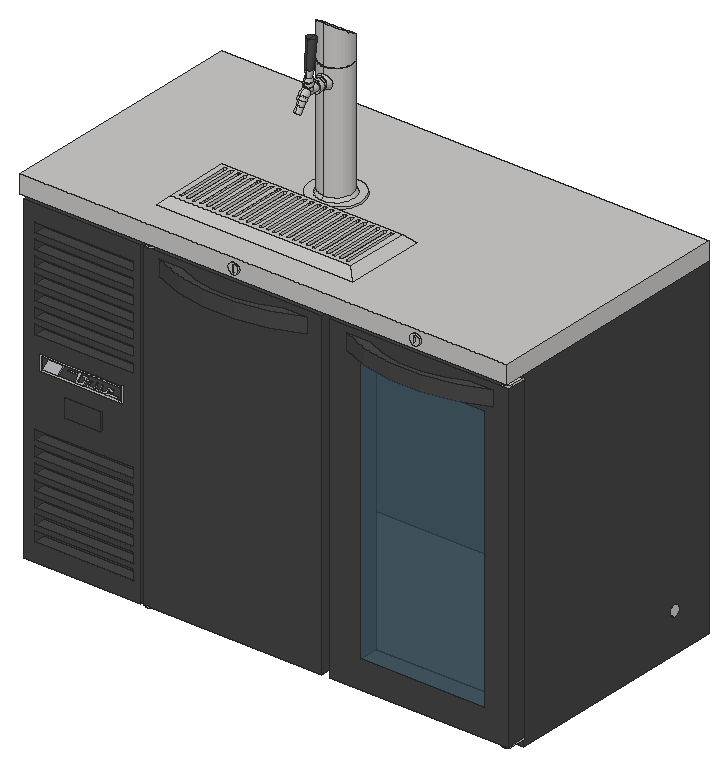
Revit family "QF_TRUE_TDR48-RISZ1-L-B-SG-1", category Specialty Equipment, Revit 2016
Family settings
  Part Type = Normal
  Round Connector Dimension = Use Diameter
  Work Plane-Based = No
  Always vertical = Yes
  Cut with Voids When Loaded = No
  Shared = No
  Room Calculation Point = No
Parameters (values of type "QF_TRUE_TDR48-RISZ1-L-B-SG-1")
  Weight in Pounds = 405
  Watts = if(Phase = 3, Volts * FL Amps * 1.73, Volts * FL Amps)  # 207 W
  Waste Water Discharge Temperature = 0 °F
  Volts = 115 V
  URL Cutsheet = ""
  Steam Supply Volume = 0 GPM
  Steam Supply Size = 0"
  Steam Supply RI Height = 0"
  Steam Supply Minimum Pressure = 0.00 psi
  Steam Supply Maximum Pressure = 0.00 psi
  Steam Supply Connection Height = 0"
  Specification by User = ""
  Specification by Manufacturer = ""
  Show Standard Unit [instance] = yes
  Show Logo [instance] = yes
  Show Leg Levelers [instance] = no
  Show Clearance [instance] = yes
  Show 1 Inch Rollers [instance] = no
  Show Seismic Flange [instance] = no
  Show 6 Inches Legs [instance] = no
  Show 5 Inches Castors [instance] = no
  Show 4 Inches Castors [instance] = no
  Show 3 Inches Castors [instance] = no
  Show 2 Inches Castors [instance] = no
  Serial Number = ""
  Seismic Rating = ""
  SMACNA No = ""
  Revision Code = ""
  Plumbing Remarks = ""
  Plumbing Connection Type = ""
  Phase = 1
  Number of Poles = 1
  NAFEM Spec ID Number = ""
  Model = "TDR48-RISZ1-L-B-SG-1"
  Min Ckt Ampacity = 0 A
  Mechanical Remarks = ""
  Mechanical Connection Type = ""
  Max Overcurrent Protection = 0 A
  Masterspec = ""
  Manufacturer = "TRUE"
  Length = 48"
  Item Number = ""
  Installed By = ""
  Indirect Waste Size = 1/2"
  Indirect Waste Flow = 0 GPM
  Indirect Waste Connection Type = ""
  Indirect Waste Connection Height = 0"
  Identify Quantity as Lot = yes
  Height [instance] = if(Show Standard Unit, 34 11/16", if(Show Leg Levelers, 34 15/16", if(Show 1 Inch Rollers, 35 9/16", if(Show 2 Inches Castors, 37 9/16", if(Show 3 Inches Castors, 38 9/16", if(Show 4 Inches Castors, 39 3/4", if(Show 5 Inches Castors, 40 3/4", if(Show 6 Inches Legs, 40 11/16", if(Show Seismic Flange, 40 11/16", 34 11/16")))))))))  # 34 11/16"
  HP = "1/4"
  Furnished By = ""
  Foodservice Equipment Identifier = yes
  FL Amps = 1.8 A
  Electrical Remarks = ""
  Electric Connection Type = ""
  Elec Conn RI Height = 0"
  Elec Conn Connection Height = 0"
  Description = "REACH-IN SINGLE ZONE REFRIGERATOR WITH LEFT SIDE REFRIGERATION SYSTEM. BLACK EXTERIOR AND SOLID & GLASS SWING DOORS"
  Depth = 26 3/8"
  Cycle = 60 Hz
  Conn Plug = "NEMA 5-15P"
  Conn Conduit = yes
  Condensate Return Size = 1/2"
  Condensate Return RI Height = 0"
  Condensate Return Connection Height = 0"
  CSI MasterFormat = ""
  Apparent Power = if(Phase = 3, Volts * FL Amps * 1.73, Volts * FL Amps)  # 207 VA
Reference planes (in)
  plane 1 "BACK": y = 0
  plane 2: z = 0
  plane 3 "LEFT": x = 0
  plane 4 "RIGHT": x = 48
  plane 5 "FRONT": y = -26.375
  plane 6 "TOP": z = 34.6875
  plane 7 "Center Y": x = 24
  plane 8 "Center X": y = -13.1875
  plane 9: z = 32.9375
  plane 10: z = 0.78125
  plane 11: y = -41.59375
  plane 12: y = -24.84375
  plane 13: y = -24.65625
  plane 14: z = 0
  plane 15: x = 4.023
  plane 16: x = 43.977
Dimensions and locks (in)
  equal spacing: plane 3 "LEFT", plane 7 "Center Y", plane 4 "RIGHT"
  "Length": plane 3 "LEFT" to plane 4 "RIGHT"
  equal spacing: plane 5 "FRONT", plane 8 "Center X", plane 1 "BACK"
  "Depth": plane 5 "FRONT" to plane 1 "BACK"
  "Height": plane 6 "TOP" to level
  plane 3 "LEFT" to plane 4 "RIGHT" = 48"
  plane 6 "TOP" to plane 9 = 1 3/4"
  plane 10 to plane 2 = 25/32"
  plane 11 to plane 1 "BACK" = 41 19/32"
  plane 5 "FRONT" to plane 1 "BACK" = 26 3/8"
  plane 12 to plane 1 "BACK" = 24 27/32"
  plane 13 to plane 1 "BACK" = 24 21/32"
  plane 1 "BACK" to plane 12 = 24 27/32"
  locked: plane 6 "TOP" to plane 14 at 34.6875
  aligned and locked: level to plane 2
  aligned and locked: plane 3 "LEFT" to nested 2
  aligned and locked: plane 1 "BACK" to nested 2
  aligned and locked: plane 6 "TOP" to nested 2
Nested families (in)
  nested 1: "CASTORS & LEGS" at (4, -4, 0), Show 3 Inches Castors <- "Show 3 Inches Castors", Show 4 Inches Castors <- "Show 4 Inches Castors", Show Legs <- "Show 6 Inches Legs", Show Legs with Flandge <- "Show Seismic Flange", Show 2 Inches Castors <- "Show 2 Inches Castors", Show 5 Inches Castors <- "Show 5 Inches Castors", Show Leg Levelers <- "Show Leg Levelers", Show 1 Inch Rollers <- "Show 1 Inch Rollers", type "CASTORS & LEGS"
    with Type Mark "", Status "", Specification by User "", Show Legs with Flandge no, Show Legs no, Show Leg Levelers no, Show 5 Inches Castors no, Show 4 Inches Castors no, Show 3 Inches Castors no, Show 2 Inches Castors no, Show 1 Inch Rollers no, Revision Code "", Item Number "", Installed By "", Identify Quantity as Lot yes, Furnished By "", Foodservice Equipment Identifier yes
  nested 2: "TDR48-RISZ1-L-B-SG-1" at (0, 0, 0), Show Logo <- "Show Logo", Show Clearance <- "Show Clearance", type "TDR48-RISZ1-L-B-SG-1"
    with Show Logo yes, Show Clearance yes
  nested 3: "CASTORS & LEGS" at (4, -18.75, 0), Show 3 Inches Castors <- "Show 3 Inches Castors", Show 4 Inches Castors <- "Show 4 Inches Castors", Show Legs <- "Show 6 Inches Legs", Show Legs with Flandge <- "Show Seismic Flange", Show 2 Inches Castors <- "Show 2 Inches Castors", Show 5 Inches Castors <- "Show 5 Inches Castors", Show Leg Levelers <- "Show Leg Levelers", Show 1 Inch Rollers <- "Show 1 Inch Rollers", type "CASTORS & LEGS"
    with Type Mark "", Status "", Specification by User "", Show Legs with Flandge no, Show Legs no, Show Leg Levelers no, Show 5 Inches Castors no, Show 4 Inches Castors no, Show 3 Inches Castors no, Show 2 Inches Castors no, Show 1 Inch Rollers no, Revision Code "", Item Number "", Installed By "", Identify Quantity as Lot yes, Furnished By "", Foodservice Equipment Identifier yes
  nested 4: "CASTORS & LEGS" at (43.954, -4, 0), Show 3 Inches Castors <- "Show 3 Inches Castors", Show 4 Inches Castors <- "Show 4 Inches Castors", Show Legs <- "Show 6 Inches Legs", Show Legs with Flandge <- "Show Seismic Flange", Show 2 Inches Castors <- "Show 2 Inches Castors", Show 5 Inches Castors <- "Show 5 Inches Castors", Show Leg Levelers <- "Show Leg Levelers", Show 1 Inch Rollers <- "Show 1 Inch Rollers", type "CASTORS & LEGS"
    with Type Mark "", Status "", Specification by User "", Show Legs with Flandge no, Show Legs no, Show Leg Levelers no, Show 5 Inches Castors no, Show 4 Inches Castors no, Show 3 Inches Castors no, Show 2 Inches Castors no, Show 1 Inch Rollers no, Revision Code "", Item Number "", Installed By "", Identify Quantity as Lot yes, Furnished By "", Foodservice Equipment Identifier yes
  nested 5: "CASTORS & LEGS" at (43.954, -18.75, 0), Show 3 Inches Castors <- "Show 3 Inches Castors", Show 4 Inches Castors <- "Show 4 Inches Castors", Show Legs <- "Show 6 Inches Legs", Show Legs with Flandge <- "Show Seismic Flange", Show 2 Inches Castors <- "Show 2 Inches Castors", Show 5 Inches Castors <- "Show 5 Inches Castors", Show Leg Levelers <- "Show Leg Levelers", Show 1 Inch Rollers <- "Show 1 Inch Rollers", type "CASTORS & LEGS"
    with Type Mark "", Status "", Specification by User "", Show Legs with Flandge no, Show Legs no, Show Leg Levelers no, Show 5 Inches Castors no, Show 4 Inches Castors no, Show 3 Inches Castors no, Show 2 Inches Castors no, Show 1 Inch Rollers no, Revision Code "", Item Number "", Installed By "", Identify Quantity as Lot yes, Furnished By "", Foodservice Equipment Identifier yes
Connectors (in)
  electrical at (6, 0.25, 18), driven by "Volts", driven by "Watts"
    settings: on nested 2, index 5, voltage 115 V, apparent load 207 VA, apparent load phase1 0 VA, apparent load phase2 0 VA, apparent load phase3 0 VA, power factor 1, load classification "Other", number of poles 1, system type 30, power factor state 1, is connector primary yes, connector utility no, sub classification motor no, connector description ""
  piping at (39.75, -4.34375, 0), diameter 0.5, driven by "Indirect Waste Size"
    settings: on nested 2, index 6, connector inside diameter 24", connector length 0", flow factor 0, pipe flow 0 GPM, pressure drop 0.00 psi, fitting loss kfactor 0, connector angle 0.00°, fixture units 0, engagement length 0", angle of deflection 0.00°, flow configuration 1, flow direction 2, fitting loss method 0, system type 16, joint type 0, gender type 0, connector reference index -1, connector utility 0, adjustable connector no, is connector primary yes, connector description "DRAIN"
  piping at (16.75, -4.96875, 0), diameter 0.5, driven by "Indirect Waste Size"
    settings: on nested 2, index 7, connector inside diameter 24", connector length 0", flow factor 0, pipe flow 0 GPM, pressure drop 0.00 psi, fitting loss kfactor 0, connector angle 0.00°, fixture units 0, engagement length 0", angle of deflection 0.00°, flow configuration 1, flow direction 2, fitting loss method 0, system type 16, joint type 0, gender type 0, connector reference index -1, connector utility 0, adjustable connector no, is connector primary no, connector description "FLOOR ACCESS"
  piping at (48.125, -4.3125, 3.96875), diameter 0.5, driven by "Condensate Return Size"
    settings: on nested 2, index 8, connector inside diameter 24", connector length 0", flow factor 0, pipe flow 0 GPM, pressure drop 0.00 psi, fitting loss kfactor 0, connector angle 0.00°, fixture units 0, engagement length 0", angle of deflection 0.00°, flow configuration 1, flow direction 1, fitting loss method 0, system type 7, joint type 0, gender type 0, connector reference index -1, connector utility 0, adjustable connector no, is connector primary no, connector description "CONDENSING UNIT"
Definition of nested family "TDR48-RISZ1-L-B-SG-1"
  Parameters (values of type "TDR48-RISZ1-L-B-SG-1")
    Weight in Pounds = 405
    Watts = if(Phase = 3, Volts * FL Amps * 1.73, Volts * FL Amps)  # 207 W
    Waste Water Discharge Temperature = 0 °F
    Volts = 115 V
    URL Cutsheet = ""
    Steam Supply Volume = 0 GPM
    Steam Supply Size = 0"
    Steam Supply RI Height = 0"
    Steam Supply Minimum Pressure = 0.00 psi
    Steam Supply Maximum Pressure = 0.00 psi
    Steam Supply Connection Height = 0"
    Specification by User = ""
    Specification by Manufacturer = ""
    Show Logo [instance] = yes
    Show Clearance [instance] = yes
    Serial Number = ""
    Seismic Rating = ""
    SMACNA No = ""
    Revision Code = ""
    Plumbing Remarks = ""
    Plumbing Connection Type = ""
    Phase = 1
    Number of Poles = 1
    NAFEM Spec ID Number = ""
    Model = "TBR48-RISZ1-L-B-GG-1"
    Min Ckt Ampacity = 0 A
    Mechanical Remarks = ""
    Mechanical Connection Type = ""
    Max Overcurrent Protection = 0 A
    Masterspec = ""
    Manufacturer = "TRUE"
    Length = 48"
    Item Number = ""
    Installed By = ""
    Indirect Waste Size = 1/2"
    Indirect Waste Flow = 0 GPM
    Indirect Waste Connection Type = ""
    Indirect Waste Connection Height = 0"
    Identify Quantity as Lot = yes
    Height = 34 11/16"
    HP = "1/4"
    Furnished By = ""
    Foodservice Equipment Identifier = yes
    FL Amps = 1.8 A
    Electrical Remarks = ""
    Electric Connection Type = ""
    Elec Conn RI Height = 0"
    Elec Conn Connection Height = 0"
    Description = "REACH-IN SINGLE ZONE REFRIGERATOR WITH LEFT SIDE REFRIGERATION SYSTEM. BLACK EXTERIOR AND GLASS SWING DOORS"
    Depth = 26 3/8"
    Cycle = 60 Hz
    Conn Plug = "NEMA 5-15P"
    Conn Conduit = yes
    Condensate Return Size = 1/2"
    Condensate Return RI Height = 0"
    Condensate Return Connection Height = 0"
    CSI MasterFormat = ""
    Apparent Power = if(Phase = 3, Volts * FL Amps * 1.73, Volts * FL Amps)  # 207 VA
  Reference planes (in)
    plane 1 "BACK": y = 0
    plane 2: z = 0
    plane 3 "LEFT": x = 0
    plane 4 "RIGHT": x = 48
    plane 5 "FRONT": y = -26.375
    plane 6 "TOP": z = 34.6875
    plane 7 "Center Y": x = 24
    plane 8 "Center X": y = -13.1875
    plane 9: z = 32.9375
    plane 10: z = 0.78125
    plane 11: z = 32.46875
    plane 12: y = -41.59375
    plane 13: y = -24.84375
    plane 14: y = -24.65625
    plane 15: z = 50.4375
  Forms (in)
    Extrusion 1, solid
      sketch origin (0, 0, 0) x (0, 1, 0) y (0, 0, 1)
        loop
          line (-24.84375, 34.6875) -> (-24.84375, 32.9375) -> (0, 32.9375) -> (0, 34.6875) -> (-24.84375, 34.6875)
      from 0 to 48
    Extrusion 2, solid
      sketch origin (0, 0, 0) x (1, 0, 0) y (0, 0, 1)
        loop
          line (0, 32.9375) -> (0, 0) -> (48, 0) -> (48, 32.9375) -> (0, 32.9375)
        loop
          line (12, 32.46875) -> (12, 0.78125) -> (47.875, 0.78125) -> (47.875, 32.46875) -> (12, 32.46875)
      from 0 to 22.75
    Extrusion 3, solid
      sketch origin (0, 0, 0) x (-1, 0, 0) y (0, 0, 1)
        loop
          line (-12, 32.46875) -> (-47.875, 32.46875) -> (-47.875, 0.78125) -> (-12, 0.78125) -> (-12, 32.46875)
      from 0 to -2
    Extrusion 4, solid
      sketch origin (0, -22.75, 0) x (1, 0, 0) y (0, 0, 1)
        loop
          line (0.20313, 0.78125) -> (11.79688, 0.78125) -> (11.79688, 32.46875) -> (0.20313, 32.46875) -> (0.20313, 0.78125)
        loop
          line (1.28286, 30.81709) -> (1.28286, 29.81709) -> (11.03286, 29.81709) -> (11.03286, 30.81709) -> (1.28286, 30.81709)
        loop
          line (1.28286, 29.31709) -> (1.28286, 28.31709) -> (11.03286, 28.31709) -> (11.03286, 29.31709) -> (1.28286, 29.31709)
        loop
          line (1.28286, 27.81709) -> (1.28286, 26.81709) -> (11.03286, 26.81709) -> (11.03286, 27.81709) -> (1.28286, 27.81709)
        loop
          line (1.28286, 26.31709) -> (1.28286, 25.31709) -> (11.03286, 25.31709) -> (11.03286, 26.31709) -> (1.28286, 26.31709)
        loop
          line (1.28286, 24.81709) -> (1.28286, 23.81709) -> (11.03286, 23.81709) -> (11.03286, 24.81709) -> (1.28286, 24.81709)
        loop
          line (1.28286, 21.81709) -> (1.28286, 20.81709) -> (11.03286, 20.81709) -> (11.03286, 21.81709) -> (1.28286, 21.81709)
        loop
          line (1.28286, 23.31709) -> (1.28286, 22.31709) -> (11.03286, 22.31709) -> (11.03286, 23.31709) -> (1.28286, 23.31709)
        loop
          line (1.28286, 12.56709) -> (1.28286, 11.56709) -> (11.03286, 11.56709) -> (11.03286, 12.56709) -> (1.28286, 12.56709)
        loop
          line (1.28286, 11.06709) -> (1.28286, 10.06709) -> (11.03286, 10.06709) -> (11.03286, 11.06709) -> (1.28286, 11.06709)
        loop
          line (1.28286, 9.56709) -> (1.28286, 8.56709) -> (11.03286, 8.56709) -> (11.03286, 9.56709) -> (1.28286, 9.56709)
        loop
          line (1.28286, 8.06709) -> (1.28286, 7.06709) -> (11.03286, 7.06709) -> (11.03286, 8.06709) -> (1.28286, 8.06709)
        loop
          line (1.28286, 6.56709) -> (1.28286, 5.56709) -> (11.03286, 5.56709) -> (11.03286, 6.56709) -> (1.28286, 6.56709)
        loop
          line (1.28286, 3.56709) -> (1.28286, 2.56709) -> (11.03286, 2.56709) -> (11.03286, 3.56709) -> (1.28286, 3.56709)
        loop
          line (1.28286, 5.06709) -> (1.28286, 4.06709) -> (11.03286, 4.06709) -> (11.03286, 5.06709) -> (1.28286, 5.06709)
      from 0.125 to 1.90625
    Extrusion 5, solid
      sketch origin (0, -22.75, 0) x (1, 0, 0) y (0, 0, 1)
        loop
          line (12, 0.78125) -> (29.625, 0.78125) -> (29.625, 32.46875) -> (12, 32.46875) -> (12, 0.78125)
        loop
          line (48, 0.78125) -> (48, 32.46875) -> (30.375, 32.46875) -> (30.375, 0.78125) -> (48, 0.78125)
        loop
          line (33.39487, 29.73137) -> (33.39487, 3.48137) -> (45.64487, 3.48137) -> (45.64487, 29.73137) -> (33.39487, 29.73137)
      from 0 to 1.90625
    Extrusion 6, solid
      sketch origin (0, -22.75, 0) x (1, 0, 0) y (0, 0, 1)
        loop
          line (33.39487, 29.73137) -> (33.39487, 3.48137) -> (45.64487, 3.48137) -> (45.64487, 29.73137) -> (33.39487, 29.73137)
      from 0 to 1.90625
    Extrusion 7, solid
      sketch origin (29, -22.75, 32.46875) x (-1, 0, 0) y (0, -1, 0)
        loop
          arc (15.44956, 1.90625) -> (8.1875, 3.65113) -> (0.92544, 1.90625) r 15.9845
          line (0.92544, 1.90625) -> (3.19585, 1.90625)
          arc (3.19585, 1.90625) -> (8.1875, 3.15287) -> (13.17915, 1.90625) r 10.61701
          line (13.17915, 1.90625) -> (15.44956, 1.90625)
        loop
          arc (-2.92544, 1.90625) -> (-10.1875, 3.65113) -> (-17.44956, 1.90625) r 15.9845
          line (-17.44956, 1.90625) -> (-15.17915, 1.90625)
          arc (-15.17915, 1.90625) -> (-10.1875, 3.15287) -> (-5.19585, 1.90625) r 10.61701
          line (-5.19585, 1.90625) -> (-2.92544, 1.90625)
      from -2.11784 to -0.60631
    Extrusion 8, solid
      sketch origin (0, -24.65625, 0) x (1, 0, 0) y (0, 0, 1)
        loop
          line (4.36462, 16.37472) -> (4.36462, 14.62472) -> (7.86462, 14.62472) -> (7.86462, 16.37472) -> (4.36462, 16.37472)
      from 0 to 0.125
    Extrusion 9, solid
      sketch origin (0, -24.84375, 34.4375) x (0, 0, 1) y (-1, 0, 0)
        loop
          circle (-0.65572, -21.12293) r 0.5
        loop
          line (-0.32569, -21.0603) -> (-0.96744, -21.0603) -> (-0.96744, -21.2) -> (-0.32569, -21.2) -> (-0.32569, -21.0603)
        loop
          circle (-0.65572, -39.02918) r 0.5
        loop
          line (-0.32569, -38.96655) -> (-0.96744, -38.96655) -> (-0.96744, -39.10625) -> (-0.32569, -39.10625) -> (-0.32569, -38.96655)
      from 0 to 0.125
    Extrusion 10, solid
      sketch origin (0, -22.75, 0) x (1, 0, 0) y (0, 0, 1)
        loop
          line (1.28286, 30.81709) -> (1.28286, 29.81709) -> (11.03286, 29.81709) -> (11.03286, 30.81709) -> (1.28286, 30.81709)
        loop
          line (1.28286, 29.31709) -> (1.28286, 28.31709) -> (11.03286, 28.31709) -> (11.03286, 29.31709) -> (1.28286, 29.31709)
        loop
          line (1.28286, 27.81709) -> (1.28286, 26.81709) -> (11.03286, 26.81709) -> (11.03286, 27.81709) -> (1.28286, 27.81709)
        loop
          line (1.28286, 26.31709) -> (1.28286, 25.31709) -> (11.03286, 25.31709) -> (11.03286, 26.31709) -> (1.28286, 26.31709)
        loop
          line (1.28286, 24.81709) -> (1.28286, 23.81709) -> (11.03286, 23.81709) -> (11.03286, 24.81709) -> (1.28286, 24.81709)
        loop
          line (1.28286, 21.81709) -> (1.28286, 20.81709) -> (11.03286, 20.81709) -> (11.03286, 21.81709) -> (1.28286, 21.81709)
        loop
          line (1.28286, 23.31709) -> (1.28286, 22.31709) -> (11.03286, 22.31709) -> (11.03286, 23.31709) -> (1.28286, 23.31709)
        loop
          line (1.28286, 12.56709) -> (1.28286, 11.56709) -> (11.03286, 11.56709) -> (11.03286, 12.56709) -> (1.28286, 12.56709)
        loop
          line (1.28286, 11.06709) -> (1.28286, 10.06709) -> (11.03286, 10.06709) -> (11.03286, 11.06709) -> (1.28286, 11.06709)
        loop
          line (1.28286, 9.56709) -> (1.28286, 8.56709) -> (11.03286, 8.56709) -> (11.03286, 9.56709) -> (1.28286, 9.56709)
        loop
          line (1.28286, 8.06709) -> (1.28286, 7.06709) -> (11.03286, 7.06709) -> (11.03286, 8.06709) -> (1.28286, 8.06709)
        loop
          line (1.28286, 6.56709) -> (1.28286, 5.56709) -> (11.03286, 5.56709) -> (11.03286, 6.56709) -> (1.28286, 6.56709)
        loop
          line (1.28286, 3.56709) -> (1.28286, 2.56709) -> (11.03286, 2.56709) -> (11.03286, 3.56709) -> (1.28286, 3.56709)
        loop
          line (1.28286, 5.06709) -> (1.28286, 4.06709) -> (11.03286, 4.06709) -> (11.03286, 5.06709) -> (1.28286, 5.06709)
      from 0.125 to 0.7394
    Extrusion 11, solid
      sketch origin (48, 0, 0) x (0, 1, 0) y (1, 0, 0)
        loop
          circle (-4.96875, -31.25) r 0.625
        loop
          circle (-4.34375, -8.25) r 0.5
      from 0 to -0.48808
    Extrusion 12, solid
      sketch origin (48, 0, 32.9375) x (0, 0, -1) y (0, 1, 0)
        loop
          circle (28.96875, -4.3125) r 0.5
      from 0 to 0.125
    Extrusion 13, solid
      sketch origin (31, -22.75, 32.46875) x (1, 0, 0) y (0, 1, 0)
        loop
          line (17, -1.45442) -> (17, 0) -> (15.64487, 0) -> (16.12932, -1.58454)
          arc (16.12932, -1.58454) -> (16.62072, -1.8946) -> (17, -1.45442) r 0.44506
        loop
          arc (-19, -1.45442) -> (-18.62072, -1.8946) -> (-18.12932, -1.58454) r 0.44506
          line (-18.12932, -1.58454) -> (-17.64487, 0) -> (-19, 0) -> (-19, -1.45442)
      from 0 to 0.125
    Extrusion 14, solid
      sketch origin (48, -22.75, 0.78125) x (0, 1, 0) y (1, 0, 0)
        loop
          arc (-1.45442, 0) -> (-1.8946, -0.37928) -> (-1.58454, -0.87068) r 0.44506
          line (-1.58454, -0.87068) -> (0, -1.35513) -> (0, 0) -> (-1.45442, 0)
        loop
          line (-1.45442, -36) -> (0, -36) -> (0, -34.64487) -> (-1.58454, -35.12932)
          arc (-1.58454, -35.12932) -> (-1.8946, -35.62072) -> (-1.45442, -36) r 0.44506
      from 0 to 0.125
    Extrusion 15, solid, visible <- "Show Clearance", detail levels coarse
      sketch origin (48, -22.75, 0.78125) x (0, 1, 0) y (1, 0, 0)
        loop
          line (-1.90625, 0) -> (-18.84375, 0)
          arc (-18.84375, 0) -> (-14.15476, -12.44482) -> (-1.90625, -17.625) r 16.86899
          line (-1.90625, -17.625) -> (-1.90625, 0)
        loop
          line (-1.90625, -36) -> (-1.90625, -18.375)
          arc (-1.90625, -18.375) -> (-14.15476, -23.55518) -> (-18.84375, -36) r 16.86899
          line (-18.84375, -36) -> (-1.90625, -36)
      from 0 to -31.6875
    Extrusion 16, solid
      sketch origin (0, 0, 0) x (-1, 0, 0) y (0, 0, 1)
        loop
          line (0, 0) -> (0, 19.4375) -> (-10.96875, 19.4375) -> (-10.96875, 0) -> (0, 0)
      from 0 to 0.125
    Extrusion 17, solid
      sketch origin (0, 0, 0) x (-1, 0, 0) y (0, 0, 1)
        loop
          circle (-6, 18) r 0.5
        loop
          circle (-6, 21.75) r 0.5
      from 0 to 0.25
    Revolve 18, solid
      sketch origin (20.96875, 8.02607, 48) x (0, 1, 0) y (0, 0, 1)
        loop
          line (-21.6916, 2.4375) -> (-21.6916, -1.28109) -> (-21.57551, -1.28109) -> (-21.57551, -1.4063) -> (-21.6916, -1.4063) -> (-21.6916, -12.76014) -> (-21.8852, -13.09546) -> (-22.6352, -13.09546) -> (-22.6352, -13.3125) -> (-20.14129, -13.3125) -> (-20.14129, 2.4375) -> (-21.6916, 2.4375)
        axis (-20.14129, -13.3125) -> (-20.14129, 2.4375)
      angle from 0 to 360
    Blend 19, solid
      base sketch origin (47.94358, 0, 34.6875) x (-1, 0, 0) y (0, -1, 0)
        loop
          line (36.625, 14.26103) -> (36.625, 22.11177) -> (17.32467, 22.11177) -> (17.32467, 14.26103) -> (36.625, 14.26103)
      top sketch origin (47.94358, 0, 34.6875) x (-1, 0, 0) y (0, -1, 0)
        loop
          line (35.875, 15.01103) -> (35.875, 21.36177) -> (18.07467, 21.36177) -> (18.07467, 15.01103) -> (35.875, 15.01103)
      from 0 to 0.80078
    Extrusion 20, void
      sketch origin (47.67015, 0, 35.48828) x (-1, 0, 0) y (0, -1, 0)
        loop
          arc (35.09417, 20.80347) -> (34.9223, 20.97534) -> (34.75042, 20.80347) r 0.17187
          line (34.75042, 20.80347) -> (34.75042, 15.53813)
          arc (34.75042, 15.53813) -> (34.9223, 15.36625) -> (35.09417, 15.53813) r 0.17187
          line (35.09417, 15.53813) -> (35.09417, 20.80347)
        loop
          arc (34.43792, 20.80347) -> (34.26605, 20.97534) -> (34.09417, 20.80347) r 0.17187
          line (34.09417, 20.80347) -> (34.09417, 15.53813)
          arc (34.09417, 15.53813) -> (34.26605, 15.36625) -> (34.43792, 15.53813) r 0.17187
          line (34.43792, 15.53813) -> (34.43792, 20.80347)
        loop
          arc (33.78167, 20.80347) -> (33.6098, 20.97534) -> (33.43792, 20.80347) r 0.17187
          line (33.43792, 20.80347) -> (33.43792, 15.53813)
          arc (33.43792, 15.53813) -> (33.6098, 15.36625) -> (33.78167, 15.53813) r 0.17187
          line (33.78167, 15.53813) -> (33.78167, 20.80347)
        loop
          arc (33.12542, 20.80347) -> (32.95355, 20.97534) -> (32.78167, 20.80347) r 0.17187
          line (32.78167, 20.80347) -> (32.78167, 15.53813)
          arc (32.78167, 15.53813) -> (32.95355, 15.36625) -> (33.12542, 15.53813) r 0.17187
          line (33.12542, 15.53813) -> (33.12542, 20.80347)
        loop
          arc (32.46917, 20.80347) -> (32.2973, 20.97534) -> (32.12542, 20.80347) r 0.17187
          line (32.12542, 20.80347) -> (32.12542, 15.53813)
          arc (32.12542, 15.53813) -> (32.2973, 15.36625) -> (32.46917, 15.53813) r 0.17187
          line (32.46917, 15.53813) -> (32.46917, 20.80347)
        loop
          arc (31.81292, 20.80347) -> (31.64105, 20.97534) -> (31.46917, 20.80347) r 0.17187
          line (31.46917, 20.80347) -> (31.46917, 15.53813)
          arc (31.46917, 15.53813) -> (31.64105, 15.36625) -> (31.81292, 15.53813) r 0.17187
          line (31.81292, 15.53813) -> (31.81292, 20.80347)
        loop
          arc (31.15667, 20.80347) -> (30.9848, 20.97534) -> (30.81292, 20.80347) r 0.17187
          line (30.81292, 20.80347) -> (30.81292, 15.53813)
          arc (30.81292, 15.53813) -> (30.9848, 15.36625) -> (31.15667, 15.53813) r 0.17187
          line (31.15667, 15.53813) -> (31.15667, 20.80347)
        loop
          arc (30.50042, 20.80347) -> (30.32855, 20.97534) -> (30.15667, 20.80347) r 0.17187
          line (30.15667, 20.80347) -> (30.15667, 15.53813)
          arc (30.15667, 15.53813) -> (30.32855, 15.36625) -> (30.50042, 15.53813) r 0.17187
          line (30.50042, 15.53813) -> (30.50042, 20.80347)
        loop
          arc (29.84417, 20.80347) -> (29.6723, 20.97534) -> (29.50042, 20.80347) r 0.17187
          line (29.50042, 20.80347) -> (29.50042, 15.53813)
          arc (29.50042, 15.53813) -> (29.6723, 15.36625) -> (29.84417, 15.53813) r 0.17187
          line (29.84417, 15.53813) -> (29.84417, 20.80347)
        loop
          arc (29.18792, 20.80347) -> (29.01605, 20.97534) -> (28.84417, 20.80347) r 0.17187
          line (28.84417, 20.80347) -> (28.84417, 15.53813)
          arc (28.84417, 15.53813) -> (29.01605, 15.36625) -> (29.18792, 15.53813) r 0.17187
          line (29.18792, 15.53813) -> (29.18792, 20.80347)
        loop
          arc (28.53167, 20.80347) -> (28.3598, 20.97534) -> (28.18792, 20.80347) r 0.17187
          line (28.18792, 20.80347) -> (28.18792, 15.53813)
          arc (28.18792, 15.53813) -> (28.3598, 15.36625) -> (28.53167, 15.53813) r 0.17187
          line (28.53167, 15.53813) -> (28.53167, 20.80347)
        loop
          arc (27.87542, 20.80347) -> (27.70355, 20.97534) -> (27.53167, 20.80347) r 0.17187
          line (27.53167, 20.80347) -> (27.53167, 15.53813)
          arc (27.53167, 15.53813) -> (27.70355, 15.36625) -> (27.87542, 15.53813) r 0.17187
          line (27.87542, 15.53813) -> (27.87542, 20.80347)
        loop
          arc (27.21917, 20.80347) -> (27.0473, 20.97534) -> (26.87542, 20.80347) r 0.17187
          line (26.87542, 20.80347) -> (26.87542, 15.53813)
          arc (26.87542, 15.53813) -> (27.0473, 15.36625) -> (27.21917, 15.53813) r 0.17187
          line (27.21917, 15.53813) -> (27.21917, 20.80347)
        loop
          arc (26.56292, 20.80347) -> (26.39105, 20.97534) -> (26.21917, 20.80347) r 0.17187
          line (26.21917, 20.80347) -> (26.21917, 15.53813)
          arc (26.21917, 15.53813) -> (26.39105, 15.36625) -> (26.56292, 15.53813) r 0.17187
          line (26.56292, 15.53813) -> (26.56292, 20.80347)
        loop
          arc (25.90667, 20.80347) -> (25.7348, 20.97534) -> (25.56292, 20.80347) r 0.17187
          line (25.56292, 20.80347) -> (25.56292, 15.53813)
          arc (25.56292, 15.53813) -> (25.7348, 15.36625) -> (25.90667, 15.53813) r 0.17187
          line (25.90667, 15.53813) -> (25.90667, 20.80347)
        loop
          arc (25.25042, 20.80347) -> (25.07855, 20.97534) -> (24.90667, 20.80347) r 0.17187
          line (24.90667, 20.80347) -> (24.90667, 15.53813)
          arc (24.90667, 15.53813) -> (25.07855, 15.36625) -> (25.25042, 15.53813) r 0.17187
          line (25.25042, 15.53813) -> (25.25042, 20.80347)
        loop
          arc (24.59417, 20.80347) -> (24.4223, 20.97534) -> (24.25042, 20.80347) r 0.17187
          line (24.25042, 20.80347) -> (24.25042, 15.53813)
          arc (24.25042, 15.53813) -> (24.4223, 15.36625) -> (24.59417, 15.53813) r 0.17187
          line (24.59417, 15.53813) -> (24.59417, 20.80347)
        loop
          arc (23.93792, 20.80347) -> (23.76605, 20.97534) -> (23.59417, 20.80347) r 0.17187
          line (23.59417, 20.80347) -> (23.59417, 15.53813)
          arc (23.59417, 15.53813) -> (23.76605, 15.36625) -> (23.93792, 15.53813) r 0.17187
          line (23.93792, 15.53813) -> (23.93792, 20.80347)
        loop
          arc (23.28167, 20.80347) -> (23.1098, 20.97534) -> (22.93792, 20.80347) r 0.17187
          line (22.93792, 20.80347) -> (22.93792, 15.53813)
          arc (22.93792, 15.53813) -> (23.1098, 15.36625) -> (23.28167, 15.53813) r 0.17187
          line (23.28167, 15.53813) -> (23.28167, 20.80347)
        loop
          arc (22.62542, 20.80347) -> (22.45355, 20.97534) -> (22.28167, 20.80347) r 0.17187
          line (22.28167, 20.80347) -> (22.28167, 15.53813)
          arc (22.28167, 15.53813) -> (22.45355, 15.36625) -> (22.62542, 15.53813) r 0.17187
          line (22.62542, 15.53813) -> (22.62542, 20.80347)
        loop
          arc (21.96917, 20.80347) -> (21.7973, 20.97534) -> (21.62542, 20.80347) r 0.17187
          line (21.62542, 20.80347) -> (21.62542, 15.53813)
          arc (21.62542, 15.53813) -> (21.7973, 15.36625) -> (21.96917, 15.53813) r 0.17187
          line (21.96917, 15.53813) -> (21.96917, 20.80347)
        loop
          arc (21.31292, 20.80347) -> (21.14105, 20.97534) -> (20.96917, 20.80347) r 0.17187
          line (20.96917, 20.80347) -> (20.96917, 15.53813)
          arc (20.96917, 15.53813) -> (21.14105, 15.36625) -> (21.31292, 15.53813) r 0.17187
          line (21.31292, 15.53813) -> (21.31292, 20.80347)
        loop
          arc (20.65667, 20.80347) -> (20.4848, 20.97534) -> (20.31292, 20.80347) r 0.17187
          line (20.31292, 20.80347) -> (20.31292, 15.53813)
          arc (20.31292, 15.53813) -> (20.4848, 15.36625) -> (20.65667, 15.53813) r 0.17187
          line (20.65667, 15.53813) -> (20.65667, 20.80347)
        loop
          arc (20.00042, 20.80347) -> (19.82855, 20.97534) -> (19.65667, 20.80347) r 0.17187
          line (19.65667, 20.80347) -> (19.65667, 15.53813)
          arc (19.65667, 15.53813) -> (19.82855, 15.36625) -> (20.00042, 15.53813) r 0.17187
          line (20.00042, 15.53813) -> (20.00042, 20.80347)
        loop
          arc (19.34417, 20.80347) -> (19.1723, 20.97534) -> (19.00042, 20.80347) r 0.17187
          line (19.00042, 20.80347) -> (19.00042, 15.53813)
          arc (19.00042, 15.53813) -> (19.1723, 15.36625) -> (19.34417, 15.53813) r 0.17187
          line (19.34417, 15.53813) -> (19.34417, 20.80347)
        loop
          arc (18.68792, 20.80347) -> (18.51605, 20.97534) -> (18.34417, 20.80347) r 0.17187
          line (18.34417, 20.80347) -> (18.34417, 15.53813)
          arc (18.34417, 15.53813) -> (18.51605, 15.36625) -> (18.68792, 15.53813) r 0.17187
          line (18.68792, 15.53813) -> (18.68792, 20.80347)
      from 0 to -0.25
    Extrusion 21, void
      sketch origin (20.96875, 8.02607, 48) x (0, 1, 0) y (0, 0, 1)
        loop
          line (-21.6916, 2.4375) -> (-17.61409, -0.21047) -> (-17.61409, 2.4375) -> (-21.6916, 2.4375)
      from -3.11934 to 3.44316
    Revolve 22, solid
      sketch origin (20.96875, -10.10303, 37.5625) x (0, 1, 0) y (0, 0, 1)
        loop
          line (-3.1245, 8.54961) -> (-3.83809, 8.33854) -> (-3.83809, 8.19638) -> (-4.14076, 8.19638) -> (-4.14076, 8.29864) -> (-4.59459, 8.33854) -> (-4.59459, 7.75) -> (-3.1245, 7.75) -> (-3.1245, 8.54961)
        axis (-4.59459, 7.75) -> (-3.1245, 7.75)
      angle from 0 to 360
    Sweep 23, solid
      path origin (20.96875, -10.10303, 37.5625) x (0, 1, 0) y (0, 0, 1)
        loop
          line (-6.20823, 7.27655) -> (-6.05649, 7.53935)
          arc (-6.05649, 7.53935) -> (-5.90229, 7.69356) -> (-5.69164, 7.75) r 0.42129
          line (-5.69164, 7.75) -> (-4.59459, 7.75)
      profile origin (20.96875, -16.23539, 44.97045) x (0, -0.866025, 0.5) y (1, 0, 0)
        loop
          circle (0, 0) r 0.38996
    Revolve 24, solid
      sketch origin (20.96875, -10.01134, 37.5625) x (0, 1, 0) y (0, 0, 1)
        loop
          line (-6.00212, 7.10461) -> (-6.29992, 7.27655) -> (-6.84717, 6.32867) -> (-6.60265, 6.1875) -> (-6.3059, 6.70149) -> (-6.00212, 7.10461)
        axis (-6.29992, 7.27655) -> (-6.84717, 6.32867)
      angle from 0 to 360
    Revolve 25, solid
      sketch origin (20.96875, -10.10303, 37.5625) x (0, 1, 0) y (0, 0, 1)
        loop
          line (-5.7963, 7.83401) -> (-5.4378, 7.83401) -> (-5.4378, 8.58754) -> (-5.75588, 8.58754) -> (-5.83409, 8.50933) -> (-5.83409, 8.25933) -> (-5.7963, 8.19387) -> (-5.7963, 7.83401)
        axis (-5.4378, 7.83401) -> (-5.4378, 8.58754)
      angle from 0 to 360
    Revolve 26, solid
      sketch origin (20.96875, -10.10303, 37.5625) x (0, 1, 0) y (0, 0, 1)
        loop
          line (-5.04861, 12.29037) -> (-5.44993, 8.47216) -> (-5.31388, 8.45786) -> (-5.29696, 8.61884) -> (-5.05675, 8.61884) -> (-5.09034, 8.89242) -> (-5.15716, 8.90785) -> (-4.99293, 9.61924) -> (-4.5992, 12.24314) -> (-5.04861, 12.29037)
        axis (-5.44993, 8.47216) -> (-5.04861, 12.29037)
      angle from 0 to 360
    Revolve 27, solid, not visible
      sketch origin (20.96875, 8.02607, 48) x (0, 1, 0) y (0, 0, 1)
        loop
          line (-21.6916, 2.4375) -> (-21.6916, -1.28109) -> (-21.57551, -1.28109) -> (-21.57551, -1.4063) -> (-21.6916, -1.4063) -> (-21.6916, -12.76014) -> (-21.8852, -13.09546) -> (-22.6352, -13.09546) -> (-22.6352, -13.3125) -> (-20.14129, -13.3125) -> (-20.14129, 2.4375) -> (-21.6916, 2.4375)
        axis (-20.14129, -13.3125) -> (-20.14129, 2.4375)
      angle from 0 to 360
    Blend 28, solid, not visible
      base sketch origin (47.94358, 0, 34.6875) x (-1, 0, 0) y (0, -1, 0)
        loop
          line (36.625, 14.26103) -> (36.625, 22.11177) -> (17.32467, 22.11177) -> (17.32467, 14.26103) -> (36.625, 14.26103)
      top sketch origin (47.94358, 0, 34.6875) x (-1, 0, 0) y (0, -1, 0)
        loop
          line (35.875, 15.01103) -> (35.875, 21.36177) -> (18.07467, 21.36177) -> (18.07467, 15.01103) -> (35.875, 15.01103)
      from 0 to 0.80078
    Extrusion 29, void, not visible
      sketch origin (47.67015, 0, 35.48828) x (-1, 0, 0) y (0, -1, 0)
        loop
          arc (35.09417, 20.80347) -> (34.9223, 20.97534) -> (34.75042, 20.80347) r 0.17187
          line (34.75042, 20.80347) -> (34.75042, 15.53813)
          arc (34.75042, 15.53813) -> (34.9223, 15.36625) -> (35.09417, 15.53813) r 0.17187
          line (35.09417, 15.53813) -> (35.09417, 20.80347)
        loop
          arc (34.43792, 20.80347) -> (34.26605, 20.97534) -> (34.09417, 20.80347) r 0.17187
          line (34.09417, 20.80347) -> (34.09417, 15.53813)
          arc (34.09417, 15.53813) -> (34.26605, 15.36625) -> (34.43792, 15.53813) r 0.17187
          line (34.43792, 15.53813) -> (34.43792, 20.80347)
        loop
          arc (33.78167, 20.80347) -> (33.6098, 20.97534) -> (33.43792, 20.80347) r 0.17187
          line (33.43792, 20.80347) -> (33.43792, 15.53813)
          arc (33.43792, 15.53813) -> (33.6098, 15.36625) -> (33.78167, 15.53813) r 0.17187
          line (33.78167, 15.53813) -> (33.78167, 20.80347)
        loop
          arc (33.12542, 20.80347) -> (32.95355, 20.97534) -> (32.78167, 20.80347) r 0.17187
          line (32.78167, 20.80347) -> (32.78167, 15.53813)
          arc (32.78167, 15.53813) -> (32.95355, 15.36625) -> (33.12542, 15.53813) r 0.17187
          line (33.12542, 15.53813) -> (33.12542, 20.80347)
        loop
          arc (32.46917, 20.80347) -> (32.2973, 20.97534) -> (32.12542, 20.80347) r 0.17187
          line (32.12542, 20.80347) -> (32.12542, 15.53813)
          arc (32.12542, 15.53813) -> (32.2973, 15.36625) -> (32.46917, 15.53813) r 0.17187
          line (32.46917, 15.53813) -> (32.46917, 20.80347)
        loop
          arc (31.81292, 20.80347) -> (31.64105, 20.97534) -> (31.46917, 20.80347) r 0.17187
          line (31.46917, 20.80347) -> (31.46917, 15.53813)
          arc (31.46917, 15.53813) -> (31.64105, 15.36625) -> (31.81292, 15.53813) r 0.17187
          line (31.81292, 15.53813) -> (31.81292, 20.80347)
        loop
          arc (31.15667, 20.80347) -> (30.9848, 20.97534) -> (30.81292, 20.80347) r 0.17187
          line (30.81292, 20.80347) -> (30.81292, 15.53813)
          arc (30.81292, 15.53813) -> (30.9848, 15.36625) -> (31.15667, 15.53813) r 0.17187
          line (31.15667, 15.53813) -> (31.15667, 20.80347)
        loop
          arc (30.50042, 20.80347) -> (30.32855, 20.97534) -> (30.15667, 20.80347) r 0.17187
          line (30.15667, 20.80347) -> (30.15667, 15.53813)
          arc (30.15667, 15.53813) -> (30.32855, 15.36625) -> (30.50042, 15.53813) r 0.17187
          line (30.50042, 15.53813) -> (30.50042, 20.80347)
        loop
          arc (29.84417, 20.80347) -> (29.6723, 20.97534) -> (29.50042, 20.80347) r 0.17187
          line (29.50042, 20.80347) -> (29.50042, 15.53813)
          arc (29.50042, 15.53813) -> (29.6723, 15.36625) -> (29.84417, 15.53813) r 0.17187
          line (29.84417, 15.53813) -> (29.84417, 20.80347)
        loop
          arc (29.18792, 20.80347) -> (29.01605, 20.97534) -> (28.84417, 20.80347) r 0.17187
          line (28.84417, 20.80347) -> (28.84417, 15.53813)
          arc (28.84417, 15.53813) -> (29.01605, 15.36625) -> (29.18792, 15.53813) r 0.17187
          line (29.18792, 15.53813) -> (29.18792, 20.80347)
        loop
          arc (28.53167, 20.80347) -> (28.3598, 20.97534) -> (28.18792, 20.80347) r 0.17187
          line (28.18792, 20.80347) -> (28.18792, 15.53813)
          arc (28.18792, 15.53813) -> (28.3598, 15.36625) -> (28.53167, 15.53813) r 0.17187
          line (28.53167, 15.53813) -> (28.53167, 20.80347)
        loop
          arc (27.87542, 20.80347) -> (27.70355, 20.97534) -> (27.53167, 20.80347) r 0.17187
          line (27.53167, 20.80347) -> (27.53167, 15.53813)
          arc (27.53167, 15.53813) -> (27.70355, 15.36625) -> (27.87542, 15.53813) r 0.17187
          line (27.87542, 15.53813) -> (27.87542, 20.80347)
        loop
          arc (27.21917, 20.80347) -> (27.0473, 20.97534) -> (26.87542, 20.80347) r 0.17187
          line (26.87542, 20.80347) -> (26.87542, 15.53813)
          arc (26.87542, 15.53813) -> (27.0473, 15.36625) -> (27.21917, 15.53813) r 0.17187
          line (27.21917, 15.53813) -> (27.21917, 20.80347)
        loop
          arc (26.56292, 20.80347) -> (26.39105, 20.97534) -> (26.21917, 20.80347) r 0.17187
          line (26.21917, 20.80347) -> (26.21917, 15.53813)
          arc (26.21917, 15.53813) -> (26.39105, 15.36625) -> (26.56292, 15.53813) r 0.17187
          line (26.56292, 15.53813) -> (26.56292, 20.80347)
        loop
          arc (25.90667, 20.80347) -> (25.7348, 20.97534) -> (25.56292, 20.80347) r 0.17187
          line (25.56292, 20.80347) -> (25.56292, 15.53813)
          arc (25.56292, 15.53813) -> (25.7348, 15.36625) -> (25.90667, 15.53813) r 0.17187
          line (25.90667, 15.53813) -> (25.90667, 20.80347)
        loop
          arc (25.25042, 20.80347) -> (25.07855, 20.97534) -> (24.90667, 20.80347) r 0.17187
          line (24.90667, 20.80347) -> (24.90667, 15.53813)
          arc (24.90667, 15.53813) -> (25.07855, 15.36625) -> (25.25042, 15.53813) r 0.17187
          line (25.25042, 15.53813) -> (25.25042, 20.80347)
        loop
          arc (24.59417, 20.80347) -> (24.4223, 20.97534) -> (24.25042, 20.80347) r 0.17187
          line (24.25042, 20.80347) -> (24.25042, 15.53813)
          arc (24.25042, 15.53813) -> (24.4223, 15.36625) -> (24.59417, 15.53813) r 0.17187
          line (24.59417, 15.53813) -> (24.59417, 20.80347)
        loop
          arc (23.93792, 20.80347) -> (23.76605, 20.97534) -> (23.59417, 20.80347) r 0.17187
          line (23.59417, 20.80347) -> (23.59417, 15.53813)
          arc (23.59417, 15.53813) -> (23.76605, 15.36625) -> (23.93792, 15.53813) r 0.17187
          line (23.93792, 15.53813) -> (23.93792, 20.80347)
        loop
          arc (23.28167, 20.80347) -> (23.1098, 20.97534) -> (22.93792, 20.80347) r 0.17187
          line (22.93792, 20.80347) -> (22.93792, 15.53813)
          arc (22.93792, 15.53813) -> (23.1098, 15.36625) -> (23.28167, 15.53813) r 0.17187
          line (23.28167, 15.53813) -> (23.28167, 20.80347)
        loop
          arc (22.62542, 20.80347) -> (22.45355, 20.97534) -> (22.28167, 20.80347) r 0.17187
          line (22.28167, 20.80347) -> (22.28167, 15.53813)
          arc (22.28167, 15.53813) -> (22.45355, 15.36625) -> (22.62542, 15.53813) r 0.17187
          line (22.62542, 15.53813) -> (22.62542, 20.80347)
        loop
          arc (21.96917, 20.80347) -> (21.7973, 20.97534) -> (21.62542, 20.80347) r 0.17187
          line (21.62542, 20.80347) -> (21.62542, 15.53813)
          arc (21.62542, 15.53813) -> (21.7973, 15.36625) -> (21.96917, 15.53813) r 0.17187
          line (21.96917, 15.53813) -> (21.96917, 20.80347)
        loop
          arc (21.31292, 20.80347) -> (21.14105, 20.97534) -> (20.96917, 20.80347) r 0.17187
          line (20.96917, 20.80347) -> (20.96917, 15.53813)
          arc (20.96917, 15.53813) -> (21.14105, 15.36625) -> (21.31292, 15.53813) r 0.17187
          line (21.31292, 15.53813) -> (21.31292, 20.80347)
        loop
          arc (20.65667, 20.80347) -> (20.4848, 20.97534) -> (20.31292, 20.80347) r 0.17187
          line (20.31292, 20.80347) -> (20.31292, 15.53813)
          arc (20.31292, 15.53813) -> (20.4848, 15.36625) -> (20.65667, 15.53813) r 0.17187
          line (20.65667, 15.53813) -> (20.65667, 20.80347)
        loop
          arc (20.00042, 20.80347) -> (19.82855, 20.97534) -> (19.65667, 20.80347) r 0.17187
          line (19.65667, 20.80347) -> (19.65667, 15.53813)
          arc (19.65667, 15.53813) -> (19.82855, 15.36625) -> (20.00042, 15.53813) r 0.17187
          line (20.00042, 15.53813) -> (20.00042, 20.80347)
        loop
          arc (19.34417, 20.80347) -> (19.1723, 20.97534) -> (19.00042, 20.80347) r 0.17187
          line (19.00042, 20.80347) -> (19.00042, 15.53813)
          arc (19.00042, 15.53813) -> (19.1723, 15.36625) -> (19.34417, 15.53813) r 0.17187
          line (19.34417, 15.53813) -> (19.34417, 20.80347)
        loop
          arc (18.68792, 20.80347) -> (18.51605, 20.97534) -> (18.34417, 20.80347) r 0.17187
          line (18.34417, 20.80347) -> (18.34417, 15.53813)
          arc (18.34417, 15.53813) -> (18.51605, 15.36625) -> (18.68792, 15.53813) r 0.17187
          line (18.68792, 15.53813) -> (18.68792, 20.80347)
      from 0 to -0.25
    Extrusion 30, void, not visible
      sketch origin (20.96875, 8.02607, 48) x (0, 1, 0) y (0, 0, 1)
        loop
          line (-21.6916, 2.4375) -> (-17.61409, -0.21047) -> (-17.61409, 2.4375) -> (-21.6916, 2.4375)
      from -3.11934 to 3.44316
    Revolve 31, solid, not visible
      sketch origin (20.96875, -10.10303, 37.5625) x (0, 1, 0) y (0, 0, 1)
        loop
          line (-3.1245, 8.54961) -> (-3.83809, 8.33854) -> (-3.83809, 8.19638) -> (-4.14076, 8.19638) -> (-4.14076, 8.29864) -> (-4.59459, 8.33854) -> (-4.59459, 7.75) -> (-3.1245, 7.75) -> (-3.1245, 8.54961)
        axis (-4.59459, 7.75) -> (-3.1245, 7.75)
      angle from 0 to 360
    Sweep 32, solid, not visible
      path origin (20.96875, -10.10303, 37.5625) x (0, 1, 0) y (0, 0, 1)
        loop
          line (-6.20823, 7.27655) -> (-6.05649, 7.53935)
          arc (-6.05649, 7.53935) -> (-5.90229, 7.69356) -> (-5.69164, 7.75) r 0.42129
          line (-5.69164, 7.75) -> (-4.59459, 7.75)
      profile origin (20.96875, -16.23539, 44.97045) x (0, -0.866025, 0.5) y (1, 0, 0)
        loop
          circle (0, 0) r 0.38996
    Revolve 33, solid, not visible
      sketch origin (20.96875, -10.01134, 37.5625) x (0, 1, 0) y (0, 0, 1)
        loop
          line (-6.00212, 7.10461) -> (-6.29992, 7.27655) -> (-6.84717, 6.32867) -> (-6.60265, 6.1875) -> (-6.3059, 6.70149) -> (-6.00212, 7.10461)
        axis (-6.29992, 7.27655) -> (-6.84717, 6.32867)
      angle from 0 to 360
    Revolve 34, solid, not visible
      sketch origin (20.96875, -10.10303, 37.5625) x (0, 1, 0) y (0, 0, 1)
        loop
          line (-5.7963, 7.83401) -> (-5.4378, 7.83401) -> (-5.4378, 8.58754) -> (-5.75588, 8.58754) -> (-5.83409, 8.50933) -> (-5.83409, 8.25933) -> (-5.7963, 8.19387) -> (-5.7963, 7.83401)
        axis (-5.4378, 7.83401) -> (-5.4378, 8.58754)
      angle from 0 to 360
    Revolve 35, solid, not visible
      sketch origin (20.96875, -10.10303, 37.5625) x (0, 1, 0) y (0, 0, 1)
        loop
          line (-5.04861, 12.29037) -> (-5.44993, 8.47216) -> (-5.31388, 8.45786) -> (-5.29696, 8.61884) -> (-5.05675, 8.61884) -> (-5.09034, 8.89242) -> (-5.15716, 8.90785) -> (-4.99293, 9.61924) -> (-4.5992, 12.24314) -> (-5.04861, 12.29037)
        axis (-5.44993, 8.47216) -> (-5.04861, 12.29037)
      angle from 0 to 360
  Cuts and joins
    joined: Extrusion 16, Extrusion 17
    joined: Extrusion 2, Extrusion 3
    Extrusion 21 cuts Revolve 18
    Extrusion 20 cuts Blend 19
  Lines and regions (in)
    symbolic lines
      curve 1: line (0, 0, 0) -> (48, 0, 0)
      curve 2: line (0, -24.84375, 0) -> (0, 0, 0)
      curve 3: line (48, -24.84375, 0) -> (0, -24.84375, 0)
      curve 4: line (48, 0, 0) -> (48, -24.84375, 0)
      curve 5: arc (43.81001, -24.84375, 0) -> (39.1875, -25.90287, 0) -> (34.56499, -24.84375, 0) r 10.61701
      curve 6: arc (32.30546, -24.84375, 0) -> (39.1875, -26.40113, 0) -> (46.06954, -24.84375, 0) r 15.9845
      curve 7: arc (13.93046, -24.84375, 0) -> (20.8125, -26.40113, 0) -> (27.69454, -24.84375, 0) r 15.9845
      curve 8: arc (25.43501, -24.84375, 0) -> (20.8125, -25.90287, 0) -> (16.18999, -24.84375, 0) r 10.61701
      curve 9: arc (29.62491, -24.84375, 0) -> (28.99668, -29.30357, 0) -> (27.21078, -33.4382, 0) r 16.86899
      curve 10: line (12.32476, -24.84375, 0) -> (27.21078, -33.4382, 0)
      curve 11: arc (32.78922, -33.4382, 0) -> (31.00332, -29.30357, 0) -> (30.37509, -24.84375, 0) r 16.86899
      curve 12: line (32.78922, -33.4382, 0) -> (47.67524, -24.84375, 0)
      curve 13: circle (20.96875, -12.11522, 0) r 1.55031 normal (0, 0, 1)
      curve 14: arc (21.61223, -13.73606, 0) -> (20.96875, -10.37132, 0) -> (20.32527, -13.73606, 0) r 1.7439
      curve 15: arc (21.5436, -14.54197, 0) -> (20.96875, -9.62132, 0) -> (20.3939, -14.54197, 0) r 2.4939
      curve 16: line (20.38021, -13.94112, 0) -> (21.55729, -13.94112, 0)
      curve 17: line (21.55729, -13.94112, 0) -> (21.67702, -13.49428, 0)
      curve 18: line (20.38021, -13.94112, 0) -> (20.26048, -13.49428, 0)
      curve 19: line (20.52237, -14.24379, 0) -> (20.52237, -13.94112, 0)
      curve 20: line (21.41513, -14.24379, 0) -> (21.41513, -13.94112, 0)
      curve 21: line (20.42011, -14.24379, 0) -> (21.51739, -14.24379, 0)
      curve 22: line (21.51739, -14.24379, 0) -> (21.55729, -14.69763, 0)
      curve 23: line (21.55729, -14.69763, 0) -> (20.38021, -14.69763, 0)
      curve 24: line (20.38021, -14.69763, 0) -> (20.42011, -14.24379, 0)
      curve 25: circle (20.96875, -15.14453, 0) r 0.45209 normal (0, 0, 1)
      curve 26: line (20.57246, -15.54083, 0) -> (20.57246, -16.26395, 0)
      curve 27: line (21.36504, -15.54083, 0) -> (21.36504, -16.26395, 0)
      curve 28: arc (20.57246, -16.26395, 0) -> (20.96875, -16.66024, 0) -> (21.36504, -16.26395, 0) r 0.39629
      curve 29: arc (20.66949, -16.52374, 0) -> (20.96875, -16.823, 0) -> (21.26801, -16.52374, 0) r 0.29926
      curve 30: line (20.68604, -16.82069, 0) -> (20.68604, -16.6219, 0)
      curve 31: line (21.25146, -16.82069, 0) -> (21.25146, -16.6219, 0)
      curve 32: arc (21.25146, -16.82069, 0) -> (20.96875, -17.10339, 0) -> (20.68604, -16.82069, 0) r 0.28271
      curve 33: arc (21.3439, -15.41312, 0) -> (20.96875, -15.93712, 0) -> (20.5936, -15.41312, 0) r 0.39629
      curve 34: line (20.65805, -15.55736, 0) -> (20.556, -15.32898, 0)
      curve 35: line (21.27945, -15.55736, 0) -> (21.3815, -15.32898, 0)
      curve 36: arc (21.27945, -15.55736, 0) -> (20.96875, -15.75883, 0) -> (20.65805, -15.55736, 0) r 0.34031
      curve 37: line (11.31858, -22.11177, 0) -> (11.31858, -14.26103, 0)
      curve 38: line (11.31858, -14.26103, 0) -> (19.69789, -14.26103, 0)
      curve 39: line (30.61892, -22.11177, 0) -> (30.61892, -14.26103, 0)
      curve 40: line (30.61892, -14.26103, 0) -> (22.23961, -14.26103, 0)
      curve 41: line (29.86892, -15.01103, 0) -> (29.86892, -21.36177, 0)
      curve 42: line (29.86892, -21.36177, 0) -> (12.06858, -21.36177, 0)
      curve 43: line (12.06858, -21.36177, 0) -> (12.06858, -15.01103, 0)
      curve 44: line (12.06858, -15.01103, 0) -> (20.53682, -15.01103, 0)
      curve 45: line (29.86892, -15.01103, 0) -> (21.40068, -15.01103, 0)
      curve 46: line (12.06858, -15.01103, 0) -> (11.31858, -14.26103, 0)
      curve 47: line (29.86892, -15.01103, 0) -> (30.61892, -14.26103, 0)
      curve 48: line (29.86892, -21.36177, 0) -> (30.61892, -22.11177, 0)
      curve 49: line (12.06858, -21.36177, 0) -> (11.31858, -22.11177, 0)
      curve 50: line (12.91972, -15.53813, 0) -> (12.91972, -20.80347, 0)
      curve 51: arc (12.91972, -20.80347, 0) -> (12.74785, -20.97534, 0) -> (12.57597, -20.80347, 0) r 0.17187
      curve 52: line (12.57597, -20.80347, 0) -> (12.57597, -15.53813, 0)
      curve 53: arc (12.57597, -15.53813, 0) -> (12.74785, -15.36625, 0) -> (12.91972, -15.53813, 0) r 0.17187
      curve 54: line (13.23222, -15.53813, 0) -> (13.23222, -20.80347, 0)
      curve 55: arc (13.23222, -20.80347, 0) -> (13.4041, -20.97534, 0) -> (13.57597, -20.80347, 0) r 0.17187
      curve 56: line (13.57597, -20.80347, 0) -> (13.57597, -15.53813, 0)
      curve 57: arc (13.57597, -15.53813, 0) -> (13.4041, -15.36625, 0) -> (13.23222, -15.53813, 0) r 0.17187
      curve 58: line (13.88847, -20.80347, 0) -> (13.88847, -15.53813, 0)
      curve 59: arc (13.88847, -15.53813, 0) -> (14.06035, -15.36625, 0) -> (14.23222, -15.53813, 0) r 0.17187
      curve 60: line (14.23222, -15.53813, 0) -> (14.23222, -20.80347, 0)
      curve 61: arc (14.23222, -20.80347, 0) -> (14.06035, -20.97534, 0) -> (13.88847, -20.80347, 0) r 0.17187
      curve 62: line (14.54472, -20.80347, 0) -> (14.54472, -15.53813, 0)
      curve 63: arc (14.54472, -15.53813, 0) -> (14.7166, -15.36625, 0) -> (14.88847, -15.53813, 0) r 0.17187
      curve 64: line (14.88847, -15.53813, 0) -> (14.88847, -20.80347, 0)
      curve 65: arc (14.88847, -20.80347, 0) -> (14.7166, -20.97534, 0) -> (14.54472, -20.80347, 0) r 0.17187
      curve 66: line (15.20097, -20.80347, 0) -> (15.20097, -15.53813, 0)
      curve 67: arc (15.20097, -15.53813, 0) -> (15.37285, -15.36625, 0) -> (15.54472, -15.53813, 0) r 0.17187
      curve 68: line (15.54472, -15.53813, 0) -> (15.54472, -20.80347, 0)
      curve 69: arc (15.54472, -20.80347, 0) -> (15.37285, -20.97534, 0) -> (15.20097, -20.80347, 0) r 0.17187
      curve 70: line (15.85722, -20.80347, 0) -> (15.85722, -15.53813, 0)
      curve 71: arc (15.85722, -15.53813, 0) -> (16.0291, -15.36625, 0) -> (16.20097, -15.53813, 0) r 0.17187
      curve 72: line (16.20097, -15.53813, 0) -> (16.20097, -20.80347, 0)
      curve 73: arc (16.20097, -20.80347, 0) -> (16.0291, -20.97534, 0) -> (15.85722, -20.80347, 0) r 0.17187
      curve 74: line (16.85722, -15.53813, 0) -> (16.85722, -20.80347, 0)
      curve 75: arc (16.85722, -20.80347, 0) -> (16.68535, -20.97534, 0) -> (16.51347, -20.80347, 0) r 0.17187
      curve 76: line (16.51347, -20.80347, 0) -> (16.51347, -15.53813, 0)
      curve 77: arc (16.51347, -15.53813, 0) -> (16.68535, -15.36625, 0) -> (16.85722, -15.53813, 0) r 0.17187
      curve 78: line (17.16972, -15.53813, 0) -> (17.16972, -20.80347, 0)
      curve 79: arc (17.16972, -20.80347, 0) -> (17.3416, -20.97534, 0) -> (17.51347, -20.80347, 0) r 0.17187
      curve 80: line (17.51347, -20.80347, 0) -> (17.51347, -15.53813, 0)
      curve 81: arc (17.51347, -15.53813, 0) -> (17.3416, -15.36625, 0) -> (17.16972, -15.53813, 0) r 0.17187
      curve 82: line (17.82597, -20.80347, 0) -> (17.82597, -15.53813, 0)
      curve 83: arc (17.82597, -15.53813, 0) -> (17.99785, -15.36625, 0) -> (18.16972, -15.53813, 0) r 0.17187
      curve 84: line (18.16972, -15.53813, 0) -> (18.16972, -20.80347, 0)
      curve 85: arc (18.16972, -20.80347, 0) -> (17.99785, -20.97534, 0) -> (17.82597, -20.80347, 0) r 0.17187
      curve 86: line (18.48222, -20.80347, 0) -> (18.48222, -15.53813, 0)
      curve 87: arc (18.48222, -15.53813, 0) -> (18.6541, -15.36625, 0) -> (18.82597, -15.53813, 0) r 0.17187
      curve 88: line (18.82597, -15.53813, 0) -> (18.82597, -20.80347, 0)
      curve 89: arc (18.82597, -20.80347, 0) -> (18.6541, -20.97534, 0) -> (18.48222, -20.80347, 0) r 0.17187
      curve 90: line (19.13847, -20.80347, 0) -> (19.13847, -15.53813, 0)
      curve 91: arc (19.13847, -15.53813, 0) -> (19.31035, -15.36625, 0) -> (19.48222, -15.53813, 0) r 0.17187
      curve 92: line (19.48222, -15.53813, 0) -> (19.48222, -20.80347, 0)
      curve 93: arc (19.48222, -20.80347, 0) -> (19.31035, -20.97534, 0) -> (19.13847, -20.80347, 0) r 0.17187
      curve 94: line (19.79472, -20.80347, 0) -> (19.79472, -15.53813, 0)
      curve 95: arc (19.79472, -15.53813, 0) -> (19.9666, -15.36625, 0) -> (20.13847, -15.53813, 0) r 0.17187
      curve 96: line (20.13847, -15.53813, 0) -> (20.13847, -20.80347, 0)
      curve 97: arc (20.13847, -20.80347, 0) -> (19.9666, -20.97534, 0) -> (19.79472, -20.80347, 0) r 0.17187
      curve 98: line (20.79472, -17.04348, 0) -> (20.79472, -20.80347, 0)
      curve 99: arc (20.79472, -20.80347, 0) -> (20.62285, -20.97534, 0) -> (20.45097, -20.80347, 0) r 0.17187
      curve 100: line (20.45097, -20.80347, 0) -> (20.45097, -15.53813, 0)
      curve 101: arc (20.45097, -15.53813, 0) -> (20.48562, -15.43463, 0) -> (20.57561, -15.37287, 0) r 0.17187
      curve 102: line (21.10722, -17.06716, 0) -> (21.10722, -20.80347, 0)
      curve 103: arc (21.10722, -20.80347, 0) -> (21.2791, -20.97534, 0) -> (21.45097, -20.80347, 0) r 0.17187
      curve 104: line (21.45097, -20.80347, 0) -> (21.45097, -15.53813, 0)
      curve 105: arc (21.45097, -15.53813, 0) -> (21.42549, -15.44807, 0) -> (21.3566, -15.38472, 0) r 0.17187
      curve 106: line (21.76347, -20.80347, 0) -> (21.76347, -15.53813, 0)
      curve 107: arc (21.76347, -15.53813, 0) -> (21.93535, -15.36625, 0) -> (22.10722, -15.53813, 0) r 0.17187
      curve 108: line (22.10722, -15.53813, 0) -> (22.10722, -20.80347, 0)
      curve 109: arc (22.10722, -20.80347, 0) -> (21.93535, -20.97534, 0) -> (21.76347, -20.80347, 0) r 0.17187
      curve 110: line (22.41972, -20.80347, 0) -> (22.41972, -15.53813, 0)
      curve 111: arc (22.41972, -15.53813, 0) -> (22.5916, -15.36625, 0) -> (22.76347, -15.53813, 0) r 0.17187
      curve 112: line (22.76347, -15.53813, 0) -> (22.76347, -20.80347, 0)
      curve 113: arc (22.76347, -20.80347, 0) -> (22.5916, -20.97534, 0) -> (22.41972, -20.80347, 0) r 0.17187
      curve 114: line (23.07597, -20.80347, 0) -> (23.07597, -15.53813, 0)
      curve 115: arc (23.07597, -15.53813, 0) -> (23.24785, -15.36625, 0) -> (23.41972, -15.53813, 0) r 0.17187
      curve 116: line (23.41972, -15.53813, 0) -> (23.41972, -20.80347, 0)
      curve 117: arc (23.41972, -20.80347, 0) -> (23.24785, -20.97534, 0) -> (23.07597, -20.80347, 0) r 0.17187
      curve 118: line (23.73222, -20.80347, 0) -> (23.73222, -15.53813, 0)
      curve 119: arc (23.73222, -15.53813, 0) -> (23.9041, -15.36625, 0) -> (24.07597, -15.53813, 0) r 0.17187
      curve 120: line (24.07597, -15.53813, 0) -> (24.07597, -20.80347, 0)
      curve 121: arc (24.07597, -20.80347, 0) -> (23.9041, -20.97534, 0) -> (23.73222, -20.80347, 0) r 0.17187
      curve 122: line (24.73222, -15.53813, 0) -> (24.73222, -20.80347, 0)
      curve 123: arc (24.73222, -20.80347, 0) -> (24.56035, -20.97534, 0) -> (24.38847, -20.80347, 0) r 0.17187
      curve 124: line (24.38847, -20.80347, 0) -> (24.38847, -15.53813, 0)
      curve 125: arc (24.38847, -15.53813, 0) -> (24.56035, -15.36625, 0) -> (24.73222, -15.53813, 0) r 0.17187
      curve 126: line (25.04472, -15.53813, 0) -> (25.04472, -20.80347, 0)
      curve 127: arc (25.04472, -20.80347, 0) -> (25.2166, -20.97534, 0) -> (25.38847, -20.80347, 0) r 0.17187
      curve 128: line (25.38847, -20.80347, 0) -> (25.38847, -15.53813, 0)
      curve 129: arc (25.38847, -15.53813, 0) -> (25.2166, -15.36625, 0) -> (25.04472, -15.53813, 0) r 0.17187
      curve 130: line (25.70097, -20.80347, 0) -> (25.70097, -15.53813, 0)
      curve 131: arc (25.70097, -15.53813, 0) -> (25.87285, -15.36625, 0) -> (26.04472, -15.53813, 0) r 0.17187
      curve 132: line (26.04472, -15.53813, 0) -> (26.04472, -20.80347, 0)
      curve 133: arc (26.04472, -20.80347, 0) -> (25.87285, -20.97534, 0) -> (25.70097, -20.80347, 0) r 0.17187
      curve 134: line (26.35722, -20.80347, 0) -> (26.35722, -15.53813, 0)
